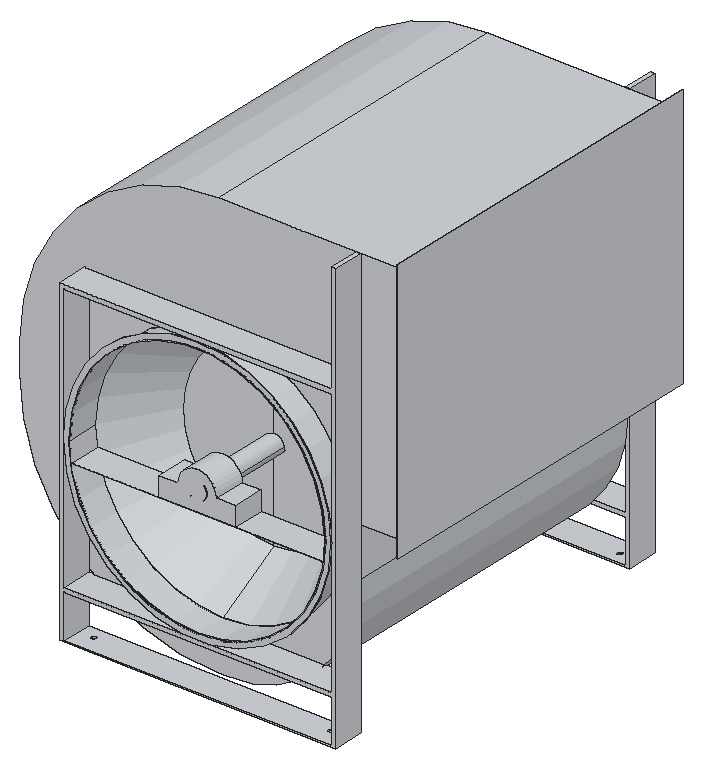
Revit family "CAF_DWDI_CCW_THD", category Mechanical Equipment, Revit 2019
Family settings
  Round Connector Dimension = Use Radius
  Part Type = Normal
  Work Plane-Based = No
  Always vertical = Yes
  Cut with Voids When Loaded = No
  Shared = No
  Room Calculation Point = No
Parameters (values of type "600_CAF-DWDI_CCW_THD_CLASS_3")
  V+(D-(A+.25"))/2 = V + ((D - (A + 1/4")) / 2)  # 5 19/32"
  V = 2 15/16"
  Unit Weight [instance] = ""
  U-N = U - N  # 1/8"
  U = 16"
  T/2 = T / 2  # 46 9/16"
  T = 93 1/8"
  Sones [instance] = ""
  SCROLL2 = 35"
  S/2 = S / 2  # 30 1/2"
  S = 61"
  R/2 = R / 2  # 35 1/2"
  R = 71"
  P = 118 5/8"
  N = 15 7/8"
  Motor RPM [instance] = ""
  Motor Enclosure [instance] = ""
  ModelID [instance] = ""
  M = 102 5/8"
  LwA [instance] = ""
  L = 51 5/16"
  K/2 = K / 2  # 19/32"
  K = 1 3/16"
  J = 52 3/16"
  INLET/4 = INLET / 4  # 16 1/2"
  INLET/2 = INLET / 2  # 33"
  INLET = 66"
  H-J = H - J  # 47 1/8"
  H = 99 5/16"
  G-(R/2) = G - (R / 2)  # 11 1/2"
  G-(INLET/2)-1.625" = G - (INLET / 2) - 1 1/2"  # 12 1/2"
  G+(INLET/2)+1.625" = G + (INLET / 2) + 1 1/2"  # 81 1/2"
  G = 47"
  Fan RPM [instance] = ""
  F-((D-A-.25")/2) = F - ((D - A - 1/4") / 2)  # 110 19/32"
  F = 113 1/4"
  E/2 = E / 2  # 45 27/32"
  E = 91 11/16"
  D/2 = D / 2  # 33 7/8"
  D = 67 3/4"
  C/2 = C / 2  # 2 15/32"
  C+C = C + C  # 9 7/8"
  C = 4 15/16"
  BOTTOM = J / 2  # 26 3/32"
  B/2 = B / 2  # 43 1/8"
  B+.25" = B + 1/4"  # 86 1/2"
  B = 86 1/4"
  Accessories [instance] = ""
  A/2 = A / 2  # 31 3/32"
  A+.25" = A + 1/4"  # 62 7/16"
  A = 62 3/16"
  60 = 60.00°  # constant formula
  3" = 3"  # constant formula
  Brake Hp [instance] = ""
  D/7 = D / 9.5  # 7.13158"
  2' = 24"
  2" = 2"  # constant formula
  1" = 1"  # constant formula
  0 = 0"  # constant formula
  Voltage [instance] = 0 V
  URL = "www.lorencook.com"
  Type Comments = "Centrifugal Airfoil Blower Counter_Clockwise Top Horizontal Arrangement 3 Low Profile Class 3"
  Static Pressure [instance] = 0.00 in-wg
  Power [instance] = Voltage * Motor FLA * sqrt(if(Phase = 3, 3, 1))  # 0 VA
  Phase [instance] = 0
  Number of Poles [instance] = 1
  Motor Hp [instance] = "0"
  Motor FLA [instance] = 0 A
  Model = "CAF-DWDI"  # constant formula
  Manufacturer = "Loren Cook Company"
  CFM [instance] = 0 CFM
  1.5 = 1 1/2"  # constant formula
  ONE EIGTH = 1/8"  # constant formula
  -P = -P  # -118 5/8"
  -(B+.25")/2 = -(B + 1/4") / 2  # -43 1/4"
  (M-(B+.25")/2 = (M - (B + 1/4")) / 2  # 8 1/16"
  (INLET/2)-.125" = (INLET / 2) - 1/8"  # 32 7/8"
  (INLET/2)+1.625" = (INLET / 2) + 1 1/2"  # 34 1/2"
  (INLET/2)+1.5" = (INLET / 2) + 1 7/16"  # 34 7/16"
  (D-(A+.25"))/2 = (D - (A + 1/4")) / 2  # 2 21/32"
  (B+.25")/2 = (B + 1/4") / 2  # 43 1/4"
  (A+.25")/2 = (A + 1/4") / 2  # 31 7/32"
  ((M+U+U+N+N)-((B+.25")/2))/2 = ((M + U + U - N - N) - ((B + 1/4"))) / 2  # 8 3/16"
Reference planes (in)
  plane 1 "Center (Front/Back)": y = 0
  plane 2: z = 0
  plane 3 "Center (Left/Right)": x = 0.40541
Forms (in)
  Extrusion 1, solid
    sketch origin (0, 0, 0) x (1, 0, 0) y (0, 0, 1)
      loop
        line (-51.78209, 1) -> (35.40541, 1) -> (35.40541, 48.15625) -> (47.53041, 48.15625) -> (47.53041, 110.59375) -> (-51.78209, 110.59375) -> (-51.78209, 1)
    from -43.25 <- "-(B+.25")/2" to 43.25 <- "(B+.25")/2"
  Revolve 2, void
    sketch origin (0.40541, 0, 0) x (0, 1, 0) y (0, 0, 1)
      loop
        line (43.25, 47) -> (26.75, 47) -> (26.75, 23.52628) -> (43.25, 14) -> (43.25, 47)
      loop
        line (-26.75, 47) -> (-43.25, 47) -> (-43.25, 14) -> (-26.75, 23.52628) -> (-26.75, 47)
      axis (43.25, 47) -> (-43.25, 47)
    angle from 0 to 360
  Extrusion 3, solid
    sketch origin (0, -43.25, 0) x (1, 0, 0) y (0, 0, 1)
      loop
        circle (0.40541, 47) r 32.875
      loop
        circle (0.40541, 47) r 33
    from 0 <- "0" to 8.1875 <- "((M+U+U+N+N)-((B+.25")/2))/2"
  Extrusion 4, solid
    sketch origin (0, 43.25, 0) x (-1, 0, 0) y (0, 0, 1)
      loop
        circle (-0.40541, 47) r 32.875
      loop
        circle (-0.40541, 47) r 33
    from 0 to 8.1875 <- "((M+U+U+N+N)-((B+.25")/2))/2"
  Extrusion 5, solid
    sketch origin (0, 43.25, 0) x (-1, 0, 0) y (0, 0, 1)
      loop
        line (-35.90541, 0) -> (35.09459, 0) -> (35.09459, 82.5) -> (-34.90541, 82.5) -> (-34.90541, 110.59375) -> (-35.90541, 110.59375) -> (-35.90541, 0)
      loop
        line (34.09459, 81.5) -> (-34.90541, 81.5) -> (-34.90541, 12.5) -> (34.09459, 12.5) -> (34.09459, 81.5)
      loop
        line (-34.90541, 11.5) -> (-34.90541, 0.125) -> (34.09459, 0.125) -> (34.09459, 11.5) -> (-34.90541, 11.5)
    from 0 to 8.0625 <- "(M-(B+.25")/2"
  Extrusion 6, solid
    sketch origin (0, -43.25, 0) x (1, 0, 0) y (0, 0, 1)
      loop
        line (-35.09459, 82.5) -> (-35.09459, 0) -> (35.90541, 0) -> (35.90541, 110.59375) -> (34.90541, 110.59375) -> (34.90541, 82.5) -> (-35.09459, 82.5)
      loop
        line (34.90541, 0.125) -> (34.90541, 11.5) -> (-34.09459, 11.5) -> (-34.09459, 0.125) -> (34.90541, 0.125)
      loop
        line (-34.09459, 12.5) -> (34.90541, 12.5) -> (34.90541, 81.5) -> (-34.09459, 81.5) -> (-34.09459, 12.5)
    from 0 to 8.0625 <- "(M-(B+.25")/2"
  Extrusion 7, solid
    sketch origin (0, -43.25, 0) x (1, 0, 0) y (0, 0, 1)
      loop
        arc (-32.09669, 42.0625) -> (-32.08713, 41.99999) -> (-32.07746, 41.9375) r 32.875
        line (-32.07746, 41.9375) -> (32.88828, 41.9375)
        arc (32.88828, 41.9375) -> (32.89796, 41.99999) -> (32.90752, 42.0625) r 32.875
        line (32.90752, 42.0625) -> (-32.09669, 42.0625)
    from 0 to 8.1875 <- "((M+U+U+N+N)-((B+.25")/2))/2"
  Extrusion 8, solid
    sketch origin (0, 43.25, 0) x (-1, 0, 0) y (0, 0, 1)
      loop
        arc (-32.90752, 42.0625) -> (-32.89796, 41.99999) -> (-32.88828, 41.9375) r 32.875
        line (-32.88828, 41.9375) -> (32.07746, 41.9375)
        arc (32.07746, 41.9375) -> (32.08713, 41.99999) -> (32.09669, 42.0625) r 32.875
        line (32.09669, 42.0625) -> (-32.90752, 42.0625)
    from 0 to 8.1875 <- "((M+U+U+N+N)-((B+.25")/2))/2"
  Extrusion 9, solid
    sketch origin (0, -43.25, 0) x (1, 0, 0) y (0, 0, 1)
      loop
        arc (5.34291, 47) -> (0.40541, 51.9375) -> (-4.53209, 47) r 4.9375
        line (-4.53209, 47) -> (-9.46959, 47) -> (-9.46959, 42.0625) -> (10.28041, 42.0625) -> (10.28041, 47) -> (5.34291, 47)
    from 0 to 8.1875 <- "((M+U+U+N+N)-((B+.25")/2))/2"
  Extrusion 10, solid
    sketch origin (0, 43.25, 0) x (-1, 0, 0) y (0, 0, 1)
      loop
        arc (4.53209, 47) -> (-0.40541, 51.9375) -> (-5.34291, 47) r 4.9375
        line (-5.34291, 47) -> (-10.28041, 47) -> (-10.28041, 42.0625) -> (9.46959, 42.0625) -> (9.46959, 47) -> (4.53209, 47)
    from 0 to 8.1875 <- "((M+U+U+N+N)-((B+.25")/2))/2"
  Extrusion 11, solid
    sketch origin (0, -51.4375, 0) x (1, 0, 0) y (0, 0, 1)
      loop
        circle (0.40541, 47) r 2.46875
    from 0 to -118.625 <- "-P"
  Extrusion 12, solid
    sketch origin (0, 51.4375, 0) x (-1, 0, 0) y (0, 0, 1)
      loop
        circle (-0.40541, 47) r 33
      loop
        circle (-0.40541, 47) r 34.4375
    from 0 to -0.125
  Extrusion 13, solid
    sketch origin (0, -51.4375, 0) x (1, 0, 0) y (0, 0, 1)
      loop
        circle (0.40541, 47) r 33
      loop
        circle (0.40541, 47) r 34.4375
    from 0 to -0.125
  Extrusion 14, void
    sketch origin (0, 0, 0) x (1, 0, 0) y (0, 1, 0)
      loop
        circle (30.90541, 46.5625) r 0.59375
      loop
        circle (-30.09459, 46.5625) r 0.59375
      loop
        circle (-30.09459, -46.5625) r 0.59375
      loop
        circle (30.90541, -46.5625) r 0.59375
    from 0 to 0.125
  Extrusion 15, void
    sketch origin (0, 0, 0) x (1, 0, 0) y (0, 0, 1)
      loop
        line (21.43666, 110.59375) -> (21.43666, 113.59375) -> (-54.78209, 113.59375) -> (-54.78209, -3) -> (47.53041, -3) -> (47.53041, 48.15625) -> (35.40541, 48.15625) -> (35.40541, 35)
        arc (35.40541, 35) -> (25.44704, 10.95837) -> (1.40541, 1) r 34
        line (1.40541, 1) -> (-0.59459, 1)
        arc (-0.59459, 1) -> (-36.78962, 15.99247) -> (-51.78209, 52.1875) r 51.1875
        line (-51.78209, 52.1875) -> (-51.78209, 59.40625)
        arc (-51.78209, 59.40625) -> (-36.78962, 95.60128) -> (-0.59459, 110.59375) r 51.1875
        line (-0.59459, 110.59375) -> (21.43666, 110.59375)
    from -43.25 <- "-(B+.25")/2" to 43.25 <- "(B+.25")/2"
  Extrusion 16, solid
    sketch origin (47.53041, 0, 48.15625) x (0, 0, 1) y (0, -1, 0)
      loop
        line (65.09375, 45.84375) -> (-2.65625, 45.84375) -> (-2.65625, -45.84375) -> (65.09375, -45.84375) -> (65.09375, 45.84375)
    from 0 to -0.125
Cuts and joins
  Revolve 2, Extrusion 15 cuts Extrusion 1
  Extrusion 14, Extrusion 15 cuts Extrusion 5
  Extrusion 14, Extrusion 15 cuts Extrusion 6
  Extrusion 15 cuts Extrusion 3
  Extrusion 15 cuts Extrusion 4
  Extrusion 15 cuts Extrusion 7
  Extrusion 15 cuts Extrusion 8
  Extrusion 15 cuts Extrusion 9
  Extrusion 15 cuts Extrusion 10
  Extrusion 15 cuts Extrusion 11
Dimensions and locks (in)
  "J": plane 3 "Center (Left/Right)" to Extrusion 1 sketch curve
  "F-((D-A-.25")/2)": Extrusion 1 sketch curve to level
  "0": Revolve 2 sketch curve to cut or joined group of Extrusion 1, Revolve 2, Extrusion 15  (x2)
  "INLET/4": cut or joined group of Extrusion 1, Revolve 2, Extrusion 15 to Revolve 2 sketch curve
  "G": level to Revolve 2 sketch curve  (x2)
  "INLET/2": Revolve 2 sketch curve to Revolve 2 sketch curve  (x2)
  "G": Revolve 2 sketch curve to level
  "INLET/4": Revolve 2 sketch curve to Revolve 2 sketch curve
  "0": Extrusion 3 sketch curve to plane 3 "Center (Left/Right)"  (x2)
  "G": Extrusion 3 sketch curve to level  (x2)
  "G": level to Extrusion 4 sketch curve  (x2)
  "0": Extrusion 4 sketch curve to plane 3 "Center (Left/Right)"  (x2)
  "R/2": Extrusion 5 sketch curve to plane 3 "Center (Left/Right)"
  "R/2": plane 3 "Center (Left/Right)" to Extrusion 5 sketch curve
  "R": Extrusion 5 sketch curve to Extrusion 5 sketch curve
  "G-(R/2)": level to Extrusion 5 sketch curve
  "ONE EIGTH": Extrusion 5 sketch curve to Extrusion 5 sketch curve
  "0": Extrusion 6 sketch curve to Extrusion 5  (x3)
  "0": Extrusion 5 to Extrusion 6 sketch curve  (x3)
  "0": Extrusion 7 sketch curve to plane 3 "Center (Left/Right)"  (x2)
  "G": Extrusion 7 sketch curve to level  (x2)
  "C": Extrusion 7 sketch curve to Extrusion 7 sketch curve
  "ONE EIGTH": Extrusion 7 sketch curve to Extrusion 7 sketch curve
  "0": Extrusion 8 sketch curve to plane 3 "Center (Left/Right)"  (x2)
  "G": level to Extrusion 8 sketch curve  (x2)
  "C": Extrusion 8 sketch curve to Extrusion 8 sketch curve
  "ONE EIGTH": Extrusion 8 sketch curve to Extrusion 8 sketch curve
  "0": Extrusion 9 sketch curve to Extrusion 7
  "G": Extrusion 9 sketch curve to level
  "0": Extrusion 9 sketch curve to Extrusion 9 sketch curve  (x2)
  "C+C": Extrusion 9 sketch curve to plane 3 "Center (Left/Right)"  (x2)
  "0": Extrusion 8 to Extrusion 10 sketch curve
  "0": Extrusion 10 sketch curve to Extrusion 10 sketch curve  (x2)
  "0": Extrusion 10 sketch curve to plane 3 "Center (Left/Right)"
  "G": level to Extrusion 10 sketch curve
  "C+C": Extrusion 10 sketch curve to plane 3 "Center (Left/Right)"
  "C+C": plane 3 "Center (Left/Right)" to Extrusion 10 sketch curve
  "0": Extrusion 11 sketch curve to plane 3 "Center (Left/Right)"
  "G": level to Extrusion 11 sketch curve
  "0": level to Extrusion 5 sketch curve
  "0": plane 3 "Center (Left/Right)" to Extrusion 9 sketch curve
  "(INLET/2)+1.625"": plane 3 "Center (Left/Right)" to Extrusion 6 sketch curve  (x2)
  "(INLET/2)+1.625"": Extrusion 6 sketch curve to plane 3 "Center (Left/Right)"  (x3)
  "G+(INLET/2)+1.625"": Extrusion 6 sketch curve to level
  "G-(INLET/2)-1.625"": Extrusion 6 sketch curve to level
  "(INLET/2)+1.625"": Extrusion 5 sketch curve to plane 3 "Center (Left/Right)"  (x2)
  "(INLET/2)+1.625"": plane 3 "Center (Left/Right)" to Extrusion 5 sketch curve  (x3)
  "G-(INLET/2)-1.625"": level to Extrusion 5 sketch curve
  "G+(INLET/2)+1.625"": level to Extrusion 5 sketch curve
  "0": Extrusion 12 sketch curve to plane 3 "Center (Left/Right)"  (x2)
  "G": level to Extrusion 12 sketch curve  (x2)
  "0": Extrusion 13 sketch curve to plane 3 "Center (Left/Right)"  (x2)
  "G": Extrusion 13 sketch curve to level  (x2)
  "1"": Extrusion 1 sketch curve to level
  "T/2": plane 1 "Center (Front/Back)" to Extrusion 14 sketch curve  (x4)
  "S/2": plane 3 "Center (Left/Right)" to Extrusion 14 sketch curve  (x4)
  "A+.25"": Extrusion 1 sketch curve to Extrusion 1 sketch curve
  "H": Extrusion 1 sketch curve to Extrusion 1 sketch curve
  "0": Extrusion 6 sketch curve to cut or joined group of Extrusion 1, Revolve 2, Extrusion 15
  "0": Extrusion 5 sketch curve to cut or joined group of Extrusion 1, Revolve 2, Extrusion 15
  Extrusion 5 sketch curve to cut or joined group of Extrusion 5, Extrusion 14, Extrusion 15 = 0"
  "3"": Extrusion 15 sketch curve to cut or joined group of Extrusion 1, Revolve 2, Extrusion 15  (x2)
  "3"": level to Extrusion 15 sketch curve
  "0": cut or joined group of Extrusion 1, Revolve 2, Extrusion 15 to Extrusion 15 sketch curve  (x2)
  "BOTTOM": cut or joined group of Extrusion 1, Revolve 2, Extrusion 15 to Extrusion 15 sketch curve
  "0": Extrusion 15 sketch curve to cut or joined group of Extrusion 1, Revolve 2, Extrusion 15  (x4)
  "F": level to Extrusion 16 sketch curve
  "D": Extrusion 16 sketch curve to Extrusion 16 sketch curve
  "E/2": Extrusion 16 sketch curve to plane 1 "Center (Front/Back)"
  "E/2": plane 1 "Center (Front/Back)" to Extrusion 16 sketch curve
  "SCROLL2": Extrusion 1 sketch curve to plane 3 "Center (Left/Right)"
  "1"": Extrusion 15 sketch curve to plane 3 "Center (Left/Right)"
  "1"": plane 3 "Center (Left/Right)" to Extrusion 15 sketch curve  (x2)
  "INLET/2": radius of Extrusion 3 sketch curve
  "(INLET/2)-.125"": radius of Extrusion 3 sketch curve
  "INLET/2": radius of Extrusion 4 sketch curve
  "(INLET/2)-.125"": radius of Extrusion 4 sketch curve
  "(INLET/2)-.125"": radius of Extrusion 7 sketch curve  (x2)
  "(INLET/2)-.125"": radius of Extrusion 8 sketch curve  (x2)
  "C": radius of Extrusion 9 sketch curve
  "C": radius of Extrusion 10 sketch curve
  "C/2": radius of Extrusion 11 sketch curve
  "(INLET/2)+1.5"": radius of Extrusion 12 sketch curve
  "INLET/2": radius of Extrusion 12 sketch curve
  "(INLET/2)+1.5"": radius of Extrusion 13 sketch curve
  "INLET/2": radius of Extrusion 13 sketch curve
  "K/2": radius of Extrusion 14 sketch curve  (x4)
  "60": angle Revolve 2 sketch curve to cut or joined group of Extrusion 1, Revolve 2, Extrusion 15
  "60": angle cut or joined group of Extrusion 1, Revolve 2, Extrusion 15 to Revolve 2 sketch curve
Automatic sketch dimensions
  Revolve 2 sketch curve to Revolve 2 sketch curve = 0"  (x2)
Connectors (in)
  hvac at (0.40541, -51.3125, 47), driven by "INLET/2"
    settings: on Extrusion 13, index 2, duct flow 0 CFM, flow factor 0, pres drop 0.00 in-wg, loss coef 0, conn angle 0.00°, conn width 12", conn height 12", conn diameter 66", duct sys type 29, conn prof type 0, flow config 0, flow direction 1, loss method 0, conn ref index -1, conn util no, is conn primary no, conn desc ""
  hvac at (0.40541, 51.4375, 47), driven by "INLET/2"
    settings: on Extrusion 4, index 3, duct flow 0 CFM, flow factor 0, pres drop 0.00 in-wg, loss coef 0, conn angle 0.00°, conn width 12", conn height 12", conn diameter 66", duct sys type 29, conn prof type 0, flow config 0, flow direction 1, loss method 0, conn ref index -1, conn util no, is conn primary no, conn desc ""
  hvac at (47.53041, 0, 79.375), driven by "B", driven by "A", driven by "CFM"
    settings: on cut or joined group of Extrusion 1, Revolve 2, Extrusion 15, index 4, duct flow 0 CFM, flow factor 0, pres drop 0.00 in-wg, loss coef 0, conn angle 0.00°, conn width 86 1/4", conn height 62 3/16", conn diameter 24", duct sys type 29, conn prof type 1, flow config 0, flow direction 2, loss method 0, conn ref index -1, conn util no, is conn primary yes, conn desc ""
Types (59): name | V+(D-(A+.25"))/2 | V | U-N | U | T/2 | T | SCROLL2 | S/2 | S | R/2 | R | P | N | M | L | K/2 | K | J | INLET/4 | INLET/2 | INLET | H-J | H | G-(R/2) | G-(INLET/2)-1.625" | G+(INLET/2)+1.625" | G | F-((D-A-.25")/2) | F | E/2 | E | D/2 | D | C/2 | C+C | C | BOTTOM | B/2 | B+.25" | B | A/2 | A+.25" | A | D/7 | Type Comments | -P | -(B+.25")/2 | (M-(B+.25")/2 | (INLET/2)-.125" | (INLET/2)+1.625" | (INLET/2)+1.5" | (D-(A+.25"))/2 | (B+.25")/2 | (A+.25")/2 | ((M+U+U+N+N)-((B+.25")/2))/2
  (no name) | 5 19/32" | 2 15/16" | 1/8" | 16" | 46 9/16" | 93 1/8" | 35" | 30 1/2" | 61" | 35 1/2" | 71" | 118 5/8" | 15 7/8" | 102 5/8" | 51 5/16" | 19/32" | 1 3/16" | 52 3/16" | 16 1/2" | 33" | 66" | 47 1/8" | 99 5/16" | 11 1/2" | 12 1/2" | 81 1/2" | 47" | 110 19/32" | 113 1/4" | 45 27/32" | 91 11/16" | 33 7/8" | 67 3/4" | 2 15/32" | 9 7/8" | 4 15/16" | 26 3/32" | 43 1/8" | 86 1/2" | 86 1/4" | 31 3/32" | 62 7/16" | 62 3/16" | 7.13158" | "Centrifugal Airfoil Blower Counter_Clockwise Top Horizontal Arrangement 3 Low Profile Class 3" | -118 5/8" | -43 1/4" | 8 1/16" | 32 7/8" | 34 1/2" | 34 7/16" | 2 21/32" | 43 1/4" | 31 7/32" | 8 3/16"
  120_CAF-DWDI_CCW_THD_CLASS_1 | 1 15/16" | 1" | 1 9/16" | 4 5/16" | 9 3/4" | 19 1/2" | 9" | 7 7/16" | 14 7/8" | 9 5/8" | 19 1/4" | 26 11/16" | 2 3/4" | 20 13/16" | 10 7/16" | 9/32" | 9/16" | 10 7/16" | 4 1/32" | 8 1/16" | 16 1/8" | 9 5/8" | 20 1/16" | 9/16" | 5/8" | 19 3/4" | 10 3/16" | 23" | 23 15/16" | 9 29/32" | 19 13/16" | 7 1/8" | 14 1/4" | 23/32" | 2 7/8" | 1 7/16" | 5 7/32" | 8 27/32" | 17 15/16" | 17 11/16" | 6 1/16" | 12 3/8" | 12 1/8" | 1 1/2" | "Centrifugal Airfoil Blower Counter_Clockwise Top Horizontal Arrangement 3 Low Profile Class 1" | -26 11/16" | -8 31/32" | 1 7/16" | 7 15/16" | 9 9/16" | 9 1/2" | 15/16" | 8 31/32" | 6 3/16" | 3"
  135_CAF-DWDI_CCW_THD_CLASS_1 | 1 15/16" | 1" | 1 9/16" | 4 5/16" | 10 7/8" | 21 3/4" | 10 1/2" | 8 5/16" | 16 5/8" | 10 1/2" | 21" | 28 15/16" | 2 3/4" | 23 1/16" | 11 9/16" | 9/32" | 9/16" | 11 3/4" | 4 13/32" | 8 13/16" | 17 5/8" | 10 13/16" | 22 9/16" | 13/16" | 1" | 21 5/8" | 11 5/16" | 25 3/4" | 26 11/16" | 11 1/32" | 22 1/16" | 7 7/8" | 15 3/4" | 23/32" | 2 7/8" | 1 7/16" | 5 7/8" | 9 31/32" | 20 3/16" | 19 15/16" | 6 13/16" | 13 7/8" | 13 5/8" | 1.65789" | "Centrifugal Airfoil Blower Counter_Clockwise Top Horizontal Arrangement 3 Low Profile Class 1" | -28 15/16" | -10 3/32" | 1 7/16" | 8 11/16" | 10 5/16" | 10 1/4" | 15/16" | 10 3/32" | 6 15/16" | 3"
  150_CAF-DWDI_CCW_THD_CLASS_1 | 1 15/16" | 1" | 1 1/16" | 4 7/16" | 12 3/16" | 24 3/8" | 11 1/4" | 8 7/8" | 17 3/4" | 11 1/4" | 22 1/2" | 31 5/8" | 3 3/8" | 26 1/8" | 13 1/16" | 9/32" | 9/16" | 13 1/16" | 4 25/32" | 9 9/16" | 19 1/8" | 12" | 25 1/16" | 1 3/16" | 1 3/8" | 23 1/2" | 12 7/16" | 28 7/16" | 29 3/8" | 12 1/16" | 24 1/8" | 8 11/16" | 17 3/8" | 23/32" | 2 7/8" | 1 7/16" | 6 17/32" | 11" | 22 1/4" | 22" | 7 5/8" | 15 1/2" | 15 1/4" | 1.82895" | "Centrifugal Airfoil Blower Counter_Clockwise Top Horizontal Arrangement 3 Low Profile Class 1" | -31 5/8" | -11 1/8" | 1 15/16" | 9 7/16" | 11 1/16" | 11" | 15/16" | 11 1/8" | 7 3/4" | 3"
  165_CAF-DWDI_CCW_THD_CLASS_1 | 1 15/16" | 1" | 1 1/16" | 4 7/16" | 13 3/16" | 26 3/8" | 12 1/8" | 9 3/4" | 19 1/2" | 12 1/8" | 24 1/4" | 33 11/16" | 3 3/8" | 28 1/8" | 14 1/16" | 15/32" | 15/16" | 14 3/8" | 5 19/64" | 10 19/32" | 21 3/16" | 13 1/8" | 27 1/2" | 1 7/16" | 1 15/32" | 25 21/32" | 13 9/16" | 31 1/8" | 32 1/16" | 13 1/16" | 26 1/8" | 9 17/32" | 19 1/16" | 27/32" | 3 3/8" | 1 11/16" | 7 3/16" | 12" | 24 1/4" | 24" | 8 15/32" | 17 3/16" | 16 15/16" | 2.00658" | "Centrifugal Airfoil Blower Counter_Clockwise Top Horizontal Arrangement 3 Low Profile Class 1" | -33 11/16" | -12 1/8" | 1 15/16" | 10 15/32" | 12 3/32" | 12 1/32" | 15/16" | 12 1/8" | 8 19/32" | 3"
  180_CAF-DWDI_CCW_THD_CLASS_1 | 1 15/16" | 1" | 1 1/16" | 4 13/16" | 14 7/32" | 28 7/16" | 13 3/8" | 10 1/2" | 21" | 13 3/8" | 26 3/4" | 36 1/8" | 3 3/4" | 30 3/16" | 15 1/8" | 15/32" | 15/16" | 15 11/16" | 5 43/64" | 11 11/32" | 22 11/16" | 14 5/16" | 30" | 1 3/8" | 1 29/32" | 27 19/32" | 14 3/4" | 33 15/16" | 34 7/8" | 14 3/32" | 28 3/16" | 10 5/16" | 20 5/8" | 27/32" | 3 3/8" | 1 11/16" | 7 27/32" | 13 1/32" | 26 5/16" | 26 1/16" | 9 1/4" | 18 3/4" | 18 1/2" | 2.17105" | "Centrifugal Airfoil Blower Counter_Clockwise Top Horizontal Arrangement 3 Low Profile Class 1" | -36 1/8" | -13 5/32" | 1 15/16" | 11 7/32" | 12 27/32" | 12 25/32" | 15/16" | 13 5/32" | 9 3/8" | 3"
  195_CAF-DWDI_CCW_THD_CLASS_1 | 1 31/32" | 1" | 1 1/16" | 4 13/16" | 15 13/32" | 30 13/16" | 14 1/4" | 11 3/8" | 22 3/4" | 14 1/4" | 28 1/2" | 38 1/2" | 3 3/4" | 32 9/16" | 16 5/16" | 15/32" | 15/16" | 16 15/16" | 6 3/64" | 12 3/32" | 24 3/16" | 15 1/2" | 32 7/16" | 1 5/8" | 2 9/32" | 29 15/32" | 15 7/8" | 36 21/32" | 37 5/8" | 15 5/16" | 30 5/8" | 10 27/32" | 21 11/16" | 27/32" | 3 3/8" | 1 11/16" | 8 15/32" | 14 7/32" | 28 11/16" | 28 7/16" | 9 3/4" | 19 3/4" | 19 1/2" | 2.28289" | "Centrifugal Airfoil Blower Counter_Clockwise Top Horizontal Arrangement 3 Low Profile Class 1" | -38 1/2" | -14 11/32" | 1 15/16" | 11 31/32" | 13 19/32" | 13 17/32" | 31/32" | 14 11/32" | 9 7/8" | 3"
  210_CAF-DWDI_CCW_THD_CLASS_1 | 1 31/32" | 1" | 2 1/16" | 5 13/16" | 16 3/8" | 32 3/4" | 15" | 12 1/8" | 24 1/4" | 15" | 30" | 41 7/16" | 3 3/4" | 34 1/2" | 17 1/4" | 15/32" | 15/16" | 18 1/4" | 6 31/64" | 12 31/32" | 25 15/16" | 16 11/16" | 34 15/16" | 2" | 2 17/32" | 31 15/32" | 17" | 39 13/32" | 40 3/8" | 16 9/32" | 32 9/16" | 11 29/32" | 23 13/16" | 27/32" | 3 3/8" | 1 11/16" | 9 1/8" | 15 3/16" | 30 5/8" | 30 3/8" | 10 13/16" | 21 7/8" | 21 5/8" | 2.50658" | "Centrifugal Airfoil Blower Counter_Clockwise Top Horizontal Arrangement 3 Low Profile Class 1" | -41 7/16" | -15 5/16" | 1 15/16" | 12 27/32" | 14 15/32" | 14 13/32" | 31/32" | 15 5/16" | 10 15/16" | 4"
  225_CAF-DWDI_CCW_THD_CLASS_1 | 2 15/32" | 1" | 2 1/16" | 6 5/16" | 17 7/16" | 34 7/8" | 15 7/8" | 13" | 26" | 15 7/8" | 31 3/4" | 44 1/16" | 4 1/4" | 36 5/8" | 18 5/16" | 15/32" | 15/16" | 19 9/16" | 6 55/64" | 13 23/32" | 27 7/16" | 17 13/16" | 37 3/8" | 2 5/16" | 2 31/32" | 33 13/32" | 18 3/16" | 42 5/32" | 43 5/8" | 17 27/32" | 35 11/16" | 13 3/16" | 26 3/8" | 31/32" | 3 7/8" | 1 15/16" | 9 25/32" | 16 1/4" | 32 3/4" | 32 1/2" | 11 19/32" | 23 7/16" | 23 3/16" | 2.77632" | "Centrifugal Airfoil Blower Counter_Clockwise Top Horizontal Arrangement 3 Low Profile Class 1" | -44 1/16" | -16 3/8" | 1 15/16" | 13 19/32" | 15 7/32" | 15 5/32" | 1 15/32" | 16 3/8" | 11 23/32" | 4"
  245_CAF-DWDI_CCW_THD_CLASS_1 | 2 15/32" | 1" | 2 1/16" | 6 5/16" | 18 23/32" | 37 7/16" | 16 7/8" | 14" | 28" | 16 7/8" | 33 3/4" | 46 5/8" | 4 1/4" | 39 3/16" | 19 5/8" | 15/32" | 15/16" | 21 5/16" | 7 23/64" | 14 23/32" | 29 7/16" | 19 3/8" | 40 11/16" | 2 13/16" | 3 15/32" | 35 29/32" | 19 11/16" | 45 25/32" | 47 1/4" | 19 1/8" | 38 1/4" | 14 11/32" | 28 11/16" | 31/32" | 3 7/8" | 1 15/16" | 10 21/32" | 17 17/32" | 35 5/16" | 35 1/16" | 12 3/4" | 25 3/4" | 25 1/2" | 3.01974" | "Centrifugal Airfoil Blower Counter_Clockwise Top Horizontal Arrangement 3 Low Profile Class 1" | -46 5/8" | -17 21/32" | 1 15/16" | 14 19/32" | 16 7/32" | 16 5/32" | 1 15/32" | 17 21/32" | 12 7/8" | 4"
  270_CAF-DWDI_CCW_THD_CLASS_1 | 2 15/32" | 1" | 2 1/16" | 6 5/16" | 21 5/32" | 42 5/16" | 18 3/4" | 15 1/8" | 30 1/4" | 18 3/4" | 37 1/2" | 51 1/2" | 4 1/4" | 44 9/16" | 22 5/16" | 15/32" | 15/16" | 23 1/2" | 7 63/64" | 15 31/32" | 31 15/16" | 21 5/16" | 44 13/16" | 2 7/8" | 4 5/32" | 39 3/32" | 21 5/8" | 50 11/32" | 51 13/16" | 21 5/16" | 42 5/8" | 15 11/32" | 30 11/16" | 1 3/32" | 4 3/8" | 2 3/16" | 11 3/4" | 19 23/32" | 39 11/16" | 39 7/16" | 13 3/4" | 27 3/4" | 27 1/2" | 3.23026" | "Centrifugal Airfoil Blower Counter_Clockwise Top Horizontal Arrangement 3 Low Profile Class 1" | -51 1/2" | -19 27/32" | 2 7/16" | 15 27/32" | 17 15/32" | 17 13/32" | 1 15/32" | 19 27/32" | 13 7/8" | 4 1/2"
  300_CAF-DWDI_CCW_THD_CLASS_1 | 2 15/32" | 1" | 2 1/8" | 6 3/8" | 22 15/16" | 45 7/8" | 20 1/4" | 16 5/8" | 33 1/4" | 20 1/4" | 40 1/2" | 55 1/8" | 4 1/4" | 48 1/8" | 24 1/16" | 15/32" | 15/16" | 26 1/16" | 8 47/64" | 17 15/32" | 34 15/16" | 23 11/16" | 49 3/4" | 3 5/8" | 4 29/32" | 42 27/32" | 23 7/8" | 55 25/32" | 57 1/4" | 23 3/32" | 46 3/16" | 17 3/16" | 34 3/8" | 1 3/32" | 4 3/8" | 2 3/16" | 13 1/32" | 21 1/2" | 43 1/4" | 43" | 15 19/32" | 31 7/16" | 31 3/16" | 3.61842" | "Centrifugal Airfoil Blower Counter_Clockwise Top Horizontal Arrangement 3 Low Profile Class 1" | -55 1/8" | -21 5/8" | 2 7/16" | 17 11/32" | 18 31/32" | 18 29/32" | 1 15/32" | 21 5/8" | 15 23/32" | 4 9/16"
  330_CAF-DWDI_CCW_THD_CLASS_1 | 3" | 1" | 1 5/8" | 6" | 25 9/32" | 50 9/16" | 20 25/32" | 18 1/16" | 36 1/8" | 20 25/32" | 41 9/16" | 59 5/16" | 4 3/8" | 53 3/16" | 26 5/8" | 15/32" | 15/16" | 28 11/16" | 9 31/64" | 18 31/32" | 37 15/16" | 26" | 54 11/16" | 5 13/32" | 5 23/32" | 46 21/32" | 26 3/16" | 61 1/4" | 63 1/4" | 25 21/32" | 51 5/16" | 19 3/8" | 38 3/4" | 1 7/32" | 4 7/8" | 2 7/16" | 14 11/32" | 23 17/32" | 47 5/16" | 47 1/16" | 17 1/4" | 34 3/4" | 34 1/2" | 4.07895" | "Centrifugal Airfoil Blower Counter_Clockwise Top Horizontal Arrangement 3 Low Profile Class 1" | -59 5/16" | -23 21/32" | 2 15/16" | 18 27/32" | 20 15/32" | 20 13/32" | 2" | 23 21/32" | 17 3/8" | 4 9/16"
  365_CAF-DWDI_CCW_THD_CLASS_1 | 3" | 1" | 2 1/8" | 6 7/8" | 27 27/32" | 55 11/16" | 22 21/32" | 19 15/16" | 39 7/8" | 22 21/32" | 45 5/16" | 65 5/16" | 4 3/4" | 58 5/16" | 29 3/16" | 15/32" | 15/16" | 31 3/4" | 10 23/64" | 20 23/32" | 41 7/16" | 28 3/4" | 60 1/2" | 6 7/32" | 6 21/32" | 51 3/32" | 28 7/8" | 67 5/8" | 69 5/8" | 28 7/32" | 56 7/16" | 21 15/32" | 42 15/16" | 1 11/32" | 5 3/8" | 2 11/16" | 15 7/8" | 26 3/32" | 52 7/16" | 52 3/16" | 19 11/32" | 38 15/16" | 38 11/16" | 4.51974" | "Centrifugal Airfoil Blower Counter_Clockwise Top Horizontal Arrangement 3 Low Profile Class 1" | -65 5/16" | -26 7/32" | 2 15/16" | 20 19/32" | 22 7/32" | 22 5/32" | 2" | 26 7/32" | 19 15/32" | 5 1/16"
  402_CAF-DWDI_CCW_THD_CLASS_1 | 3 31/32" | 1 15/16" | 1 1/8" | 6" | 31 7/32" | 62 7/16" | 24 27/32" | 21 1/2" | 43" | 24 27/32" | 49 11/16" | 71 15/16" | 4 7/8" | 65 15/16" | 33" | 15/32" | 15/16" | 34 15/16" | 11 19/64" | 22 19/32" | 45 3/16" | 31 5/8" | 66 9/16" | 6 27/32" | 7 19/32" | 55 25/32" | 31 11/16" | 74 11/32" | 76 3/8" | 31" | 62" | 23 1/32" | 46 1/16" | 1 15/32" | 5 7/8" | 2 15/16" | 17 15/32" | 28 29/32" | 58 1/16" | 57 13/16" | 20 7/8" | 42" | 41 3/4" | 4.84868" | "Centrifugal Airfoil Blower Counter_Clockwise Top Horizontal Arrangement 3 Low Profile Class 1" | -71 15/16" | -29 1/32" | 3 15/16" | 22 15/32" | 24 3/32" | 24 1/32" | 2 1/32" | 29 1/32" | 21" | 5 1/16"
  445_CAF-DWDI_CCW_THD_CLASS_1 | 4" | 1 15/16" | 1 1/8" | 6 7/8" | 34 15/32" | 68 15/16" | 26 31/32" | 23 5/8" | 47 1/4" | 26 31/32" | 53 15/16" | 79 5/16" | 5 3/4" | 72 7/16" | 36 1/4" | 17/32" | 1 1/16" | 38 11/16" | 12 23/64" | 24 23/32" | 49 7/16" | 35" | 73 11/16" | 7 31/32" | 8 23/32" | 61 5/32" | 34 15/16" | 82 1/8" | 84 3/16" | 34 9/32" | 68 9/16" | 25 5/32" | 50 5/16" | 1 15/32" | 5 7/8" | 2 15/16" | 19 11/32" | 32 1/8" | 64 1/2" | 64 1/4" | 22 31/32" | 46 3/16" | 45 15/16" | 5.29605" | "Centrifugal Airfoil Blower Counter_Clockwise Top Horizontal Arrangement 3 Low Profile Class 1" | -79 5/16" | -32 1/4" | 3 31/32" | 24 19/32" | 26 7/32" | 26 5/32" | 2 1/16" | 32 1/4" | 23 3/32" | 5 3/32"
  490_CAF-DWDI_CCW_THD_CLASS_1 | 4" | 1 15/16" | 1 1/8" | 7" | 37 13/32" | 74 13/16" | 29 11/32" | 26" | 52" | 29 11/32" | 58 11/16" | 85 5/16" | 5 7/8" | 78 5/16" | 39 3/16" | 17/32" | 1 1/16" | 42 9/16" | 13 3/4" | 27 1/2" | 55" | 38 9/16" | 81 1/8" | 9 1/32" | 9 3/8" | 67 3/8" | 38 3/8" | 90 5/16" | 92 3/8" | 37 7/32" | 74 7/16" | 27 11/16" | 55 3/8" | 1 23/32" | 6 7/8" | 3 7/16" | 21 9/32" | 35 1/16" | 70 3/8" | 70 1/8" | 25 1/2" | 51 1/4" | 51" | 5.82895" | "Centrifugal Airfoil Blower Counter_Clockwise Top Horizontal Arrangement 3 Low Profile Class 1" | -85 5/16" | -35 3/16" | 3 31/32" | 27 3/8" | 29" | 28 15/16" | 2 1/16" | 35 3/16" | 25 5/8" | 5 3/32"
  540_CAF-DWDI_CCW_THD_CLASS_1 | 4" | 1 15/16" | 1 1/8" | 7 3/8" | 41 5/16" | 82 5/8" | 31 27/32" | 28 1/2" | 57" | 31 27/32" | 63 11/16" | 93 1/2" | 6 1/4" | 86 1/8" | 43 1/16" | 17/32" | 1 1/16" | 46 15/16" | 15" | 30" | 60" | 42 7/16" | 89 3/8" | 10 15/32" | 10 13/16" | 73 13/16" | 42 5/16" | 99 9/16" | 101 5/8" | 41 3/32" | 82 3/16" | 30 1/16" | 60 1/8" | 1 15/32" | 5 7/8" | 2 15/16" | 23 15/32" | 38 31/32" | 78 3/16" | 77 15/16" | 27 7/8" | 56" | 55 3/4" | 6.32895" | "Centrifugal Airfoil Blower Counter_Clockwise Top Horizontal Arrangement 3 Low Profile Class 1" | -93 1/2" | -39 3/32" | 3 31/32" | 29 7/8" | 31 1/2" | 31 7/16" | 2 1/16" | 39 3/32" | 28" | 5 3/32"
  600_CAF-DWDI_CCW_THD_CLASS_1 | 5" | 2 15/16" | 1/8" | 6 3/8" | 46" | 92" | 35" | 31" | 62" | 35" | 70" | 102 7/8" | 6 1/4" | 96 1/2" | 48 1/4" | 17/32" | 1 1/16" | 52 3/16" | 16 1/2" | 33" | 66" | 47 1/8" | 99 5/16" | 12" | 12 1/2" | 81 1/2" | 47" | 110 5/8" | 112 11/16" | 45 9/32" | 90 9/16" | 33 9/32" | 66 9/16" | 1 15/32" | 5 7/8" | 2 15/16" | 26 3/32" | 43 1/8" | 86 1/2" | 86 1/4" | 31 3/32" | 62 7/16" | 62 3/16" | 7.00658" | "Centrifugal Airfoil Blower Counter_Clockwise Top Horizontal Arrangement 3 Low Profile Class 1" | -102 7/8" | -43 1/4" | 5" | 32 7/8" | 34 1/2" | 34 7/16" | 2 1/16" | 43 1/4" | 31 7/32" | 5 1/8"
  660_CAF-DWDI_CCW_THD_CLASS_1 | 6" | 3 15/16" | 5/8" | 10" | 50 13/16" | 101 5/8" | 38 9/32" | 33 1/2" | 67" | 38 9/32" | 76 9/16" | 117 1/8" | 9 3/8" | 107 1/8" | 53 9/16" | 17/32" | 1 1/16" | 57 3/8" | 18" | 36" | 72" | 51 13/16" | 109 3/16" | 13 13/32" | 14 3/16" | 89 3/16" | 51 11/16" | 121 11/16" | 123 3/4" | 49 5/8" | 99 1/4" | 36 13/32" | 72 13/16" | 1 23/32" | 6 7/8" | 3 7/16" | 28 11/16" | 47 7/16" | 95 1/8" | 94 7/8" | 34 7/32" | 68 11/16" | 68 7/16" | 7.66447" | "Centrifugal Airfoil Blower Counter_Clockwise Top Horizontal Arrangement 3 Low Profile Class 1" | -117 1/8" | -47 9/16" | 6" | 35 7/8" | 37 1/2" | 37 7/16" | 2 1/16" | 47 9/16" | 34 11/32" | 6 5/8"
  730_CAF-DWDI_CCW_THD_CLASS_1 | 6" | 3 7/16" | 5/8" | 10" | 55 3/4" | 111 1/2" | 41 25/32" | 37" | 74" | 41 25/32" | 83 9/16" | 127" | 9 3/8" | 117" | 58 1/2" | 17/32" | 1 1/16" | 63 7/16" | 19 3/4" | 39 1/2" | 79" | 57 1/4" | 120 11/16" | 15 13/32" | 16 3/16" | 98 3/16" | 57 3/16" | 134 9/16" | 137 1/8" | 55 1/16" | 110 1/8" | 40 19/32" | 81 3/16" | 1 23/32" | 6 7/8" | 3 7/16" | 31 23/32" | 52 3/8" | 105" | 104 3/4" | 37 29/32" | 76 1/16" | 75 13/16" | 8.54605" | "Centrifugal Airfoil Blower Counter_Clockwise Top Horizontal Arrangement 3 Low Profile Class 1" | -127" | -52 1/2" | 6" | 39 3/8" | 41" | 40 15/16" | 2 9/16" | 52 1/2" | 38 1/32" | 6 5/8"
  120_CAF-DWDI_CCW_THD_CLASS_2 | 1 15/16" | 1" | 1 9/16" | 5 5/16" | 10" | 20" | 9" | 7 3/16" | 14 3/8" | 9 5/8" | 19 1/4" | 28 3/16" | 3 3/4" | 21 13/16" | 10 15/16" | 15/32" | 15/16" | 10 7/16" | 4 1/32" | 8 1/16" | 16 1/8" | 9 5/8" | 20 1/16" | 9/16" | 5/8" | 19 3/4" | 10 3/16" | 23" | 23 15/16" | 9 29/32" | 19 13/16" | 7 1/8" | 14 1/4" | 23/32" | 2 7/8" | 1 7/16" | 5 7/32" | 8 27/32" | 17 15/16" | 17 11/16" | 6 1/16" | 12 3/8" | 12 1/8" | 1 1/2" | "Centrifugal Airfoil Blower Counter_Clockwise Top Horizontal Arrangement 3 Low Profile Class 2" | -28 3/16" | -8 31/32" | 1 15/16" | 7 15/16" | 9 9/16" | 9 1/2" | 15/16" | 8 31/32" | 6 3/16" | 3 1/2"
  135_CAF-DWDI_CCW_THD_CLASS_2 | 1 15/16" | 1" | 1 9/16" | 5 7/16" | 11 1/8" | 22 1/4" | 10 1/2" | 8 1/16" | 16 1/8" | 10 1/2" | 21" | 30 9/16" | 3 7/8" | 24 1/16" | 12 1/16" | 15/32" | 15/16" | 11 3/4" | 4 13/32" | 8 13/16" | 17 5/8" | 10 13/16" | 22 9/16" | 13/16" | 1" | 21 5/8" | 11 5/16" | 25 3/4" | 26 11/16" | 11 1/32" | 22 1/16" | 7 7/8" | 15 3/4" | 23/32" | 2 7/8" | 1 7/16" | 5 7/8" | 9 31/32" | 20 3/16" | 19 15/16" | 6 13/16" | 13 7/8" | 13 5/8" | 1.65789" | "Centrifugal Airfoil Blower Counter_Clockwise Top Horizontal Arrangement 3 Low Profile Class 2" | -30 9/16" | -10 3/32" | 1 15/16" | 8 11/16" | 10 5/16" | 10 1/4" | 15/16" | 10 3/32" | 6 15/16" | 3 1/2"
  150_CAF-DWDI_CCW_THD_CLASS_2 | 1 15/16" | 1" | 2 1/16" | 5 15/16" | 12 3/16" | 24 3/8" | 11 1/4" | 8 7/8" | 17 3/4" | 11 3/4" | 23 1/2" | 33 1/8" | 3 7/8" | 26 1/8" | 13 1/16" | 15/32" | 15/16" | 13 1/16" | 4 25/32" | 9 9/16" | 19 1/8" | 12" | 25 1/16" | 11/16" | 1 3/8" | 23 1/2" | 12 7/16" | 28 7/16" | 29 3/8" | 12 1/16" | 24 1/8" | 8 11/16" | 17 3/8" | 31/32" | 3 7/8" | 1 15/16" | 6 17/32" | 11" | 22 1/4" | 22" | 7 5/8" | 15 1/2" | 15 1/4" | 1.82895" | "Centrifugal Airfoil Blower Counter_Clockwise Top Horizontal Arrangement 3 Low Profile Class 2" | -33 1/8" | -11 1/8" | 1 15/16" | 9 7/16" | 11 1/16" | 11" | 15/16" | 11 1/8" | 7 3/4" | 4"
  165_CAF-DWDI_CCW_THD_CLASS_2 | 1 15/16" | 1" | 2 1/16" | 5 15/16" | 13 3/16" | 26 3/8" | 12 1/8" | 9 3/4" | 19 1/2" | 12 5/8" | 25 1/4" | 35 3/16" | 3 7/8" | 28 1/8" | 14 1/16" | 15/32" | 15/16" | 14 3/8" | 5 19/64" | 10 19/32" | 21 3/16" | 13 1/8" | 27 1/2" | 15/16" | 1 15/32" | 25 21/32" | 13 9/16" | 31 1/8" | 32 1/16" | 13 1/16" | 26 1/8" | 9 17/32" | 19 1/16" | 31/32" | 3 7/8" | 1 15/16" | 7 3/16" | 12" | 24 1/4" | 24" | 8 15/32" | 17 3/16" | 16 15/16" | 2.00658" | "Centrifugal Airfoil Blower Counter_Clockwise Top Horizontal Arrangement 3 Low Profile Class 2" | -35 3/16" | -12 1/8" | 1 15/16" | 10 15/32" | 12 3/32" | 12 1/32" | 15/16" | 12 1/8" | 8 19/32" | 4"
  180_CAF-DWDI_CCW_THD_CLASS_2 | 1 15/16" | 1" | 2 1/16" | 5 15/16" | 14 7/32" | 28 7/16" | 13 3/8" | 10 1/2" | 21" | 13 3/8" | 26 3/4" | 37 1/4" | 3 7/8" | 30 3/16" | 15 1/8" | 15/32" | 15/16" | 15 11/16" | 5 43/64" | 11 11/32" | 22 11/16" | 14 5/16" | 30" | 1 3/8" | 1 29/32" | 27 19/32" | 14 3/4" | 33 15/16" | 34 7/8" | 14 3/32" | 28 3/16" | 10 5/16" | 20 5/8" | 31/32" | 3 7/8" | 1 15/16" | 7 27/32" | 13 1/32" | 26 5/16" | 26 1/16" | 9 1/4" | 18 3/4" | 18 1/2" | 2.17105" | "Centrifugal Airfoil Blower Counter_Clockwise Top Horizontal Arrangement 3 Low Profile Class 2" | -37 1/4" | -13 5/32" | 1 15/16" | 11 7/32" | 12 27/32" | 12 25/32" | 15/16" | 13 5/32" | 9 3/8" | 4"
  195_CAF-DWDI_CCW_THD_CLASS_2 | 1 31/32" | 1" | 2 1/16" | 5 15/16" | 15 13/32" | 30 13/16" | 14 1/4" | 11 3/8" | 22 3/4" | 14 1/4" | 28 1/2" | 39 5/8" | 3 7/8" | 32 9/16" | 16 5/16" | 15/32" | 15/16" | 16 15/16" | 6 3/64" | 12 3/32" | 24 3/16" | 15 1/2" | 32 7/16" | 1 5/8" | 2 9/32" | 29 15/32" | 15 7/8" | 36 21/32" | 37 5/8" | 15 5/16" | 30 5/8" | 10 27/32" | 21 11/16" | 31/32" | 3 7/8" | 1 15/16" | 8 15/32" | 14 7/32" | 28 11/16" | 28 7/16" | 9 3/4" | 19 3/4" | 19 1/2" | 2.28289" | "Centrifugal Airfoil Blower Counter_Clockwise Top Horizontal Arrangement 3 Low Profile Class 2" | -39 5/8" | -14 11/32" | 1 15/16" | 11 31/32" | 13 19/32" | 13 17/32" | 31/32" | 14 11/32" | 9 7/8" | 4"
  210_CAF-DWDI_CCW_THD_CLASS_2 | 1 31/32" | 1" | 2 9/16" | 6 13/16" | 16 3/8" | 32 3/4" | 15" | 12 1/8" | 24 1/4" | 15" | 30" | 42 7/16" | 4 1/4" | 34 1/2" | 17 1/4" | 15/32" | 15/16" | 18 1/4" | 6 31/64" | 12 31/32" | 25 15/16" | 16 11/16" | 34 15/16" | 2" | 2 17/32" | 31 15/32" | 17" | 39 13/32" | 40 3/8" | 16 9/32" | 32 9/16" | 11 29/32" | 23 13/16" | 1 3/32" | 4 3/8" | 2 3/16" | 9 1/8" | 15 3/16" | 30 5/8" | 30 3/8" | 10 13/16" | 21 7/8" | 21 5/8" | 2.50658" | "Centrifugal Airfoil Blower Counter_Clockwise Top Horizontal Arrangement 3 Low Profile Class 2" | -42 7/16" | -15 5/16" | 1 15/16" | 12 27/32" | 14 15/32" | 14 13/32" | 31/32" | 15 5/16" | 10 15/16" | 4 1/2"
  225_CAF-DWDI_CCW_THD_CLASS_2 | 2 15/32" | 1" | 2 9/16" | 6 13/16" | 17 7/16" | 34 7/8" | 15 7/8" | 13" | 26" | 15 7/8" | 31 3/4" | 44 9/16" | 4 1/4" | 36 5/8" | 18 5/16" | 15/32" | 15/16" | 19 9/16" | 6 55/64" | 13 23/32" | 27 7/16" | 17 13/16" | 37 3/8" | 2 5/16" | 2 31/32" | 33 13/32" | 18 3/16" | 42 5/32" | 43 5/8" | 17 27/32" | 35 11/16" | 13 3/16" | 26 3/8" | 1 3/32" | 4 3/8" | 2 3/16" | 9 25/32" | 16 1/4" | 32 3/4" | 32 1/2" | 11 19/32" | 23 7/16" | 23 3/16" | 2.77632" | "Centrifugal Airfoil Blower Counter_Clockwise Top Horizontal Arrangement 3 Low Profile Class 2" | -44 9/16" | -16 3/8" | 1 15/16" | 13 19/32" | 15 7/32" | 15 5/32" | 1 15/32" | 16 3/8" | 11 23/32" | 4 1/2"
  245_CAF-DWDI_CCW_THD_CLASS_2 | 2 15/32" | 1" | 2 9/16" | 6 15/16" | 18 23/32" | 37 7/16" | 16 7/8" | 14" | 28" | 16 7/8" | 33 3/4" | 47 1/4" | 4 3/8" | 39 3/16" | 19 5/8" | 15/32" | 15/16" | 21 5/16" | 7 23/64" | 14 23/32" | 29 7/16" | 19 3/8" | 40 11/16" | 2 13/16" | 3 15/32" | 35 29/32" | 19 11/16" | 45 25/32" | 47 1/4" | 19 1/8" | 38 1/4" | 14 11/32" | 28 11/16" | 1 7/32" | 4 7/8" | 2 7/16" | 10 21/32" | 17 17/32" | 35 5/16" | 35 1/16" | 12 3/4" | 25 3/4" | 25 1/2" | 3.01974" | "Centrifugal Airfoil Blower Counter_Clockwise Top Horizontal Arrangement 3 Low Profile Class 2" | -47 1/4" | -17 21/32" | 1 15/16" | 14 19/32" | 16 7/32" | 16 5/32" | 1 15/32" | 17 21/32" | 12 7/8" | 4 1/2"
  270_CAF-DWDI_CCW_THD_CLASS_2 | 2 15/32" | 1" | 2 1/16" | 6 7/16" | 21 5/32" | 42 5/16" | 18 3/4" | 15 1/8" | 30 1/4" | 18 3/4" | 37 1/2" | 51 5/8" | 4 3/8" | 44 9/16" | 22 5/16" | 15/32" | 15/16" | 23 1/2" | 7 63/64" | 15 31/32" | 31 15/16" | 21 5/16" | 44 13/16" | 2 7/8" | 4 5/32" | 39 3/32" | 21 5/8" | 50 11/32" | 51 13/16" | 21 5/16" | 42 5/8" | 15 11/32" | 30 11/16" | 1 7/32" | 4 7/8" | 2 7/16" | 11 3/4" | 19 23/32" | 39 11/16" | 39 7/16" | 13 3/4" | 27 3/4" | 27 1/2" | 3.23026" | "Centrifugal Airfoil Blower Counter_Clockwise Top Horizontal Arrangement 3 Low Profile Class 2" | -51 5/8" | -19 27/32" | 2 7/16" | 15 27/32" | 17 15/32" | 17 13/32" | 1 15/32" | 19 27/32" | 13 7/8" | 4 1/2"
  300_CAF-DWDI_CCW_THD_CLASS_2 | 2 15/32" | 1" | 2 5/8" | 7 3/8" | 22 15/16" | 45 7/8" | 20 1/4" | 16 5/8" | 33 1/4" | 20 1/4" | 40 1/2" | 56 1/8" | 4 3/4" | 48 1/8" | 24 1/16" | 17/32" | 1 1/16" | 26 1/16" | 8 47/64" | 17 15/32" | 34 15/16" | 23 11/16" | 49 3/4" | 3 5/8" | 4 29/32" | 42 27/32" | 23 7/8" | 55 25/32" | 57 1/4" | 23 3/32" | 46 3/16" | 17 3/16" | 34 3/8" | 1 11/32" | 5 3/8" | 2 11/16" | 13 1/32" | 21 1/2" | 43 1/4" | 43" | 15 19/32" | 31 7/16" | 31 3/16" | 3.61842" | "Centrifugal Airfoil Blower Counter_Clockwise Top Horizontal Arrangement 3 Low Profile Class 2" | -56 1/8" | -21 5/8" | 2 7/16" | 17 11/32" | 18 31/32" | 18 29/32" | 1 15/32" | 21 5/8" | 15 23/32" | 5 1/16"
  330_CAF-DWDI_CCW_THD_CLASS_2 | 3" | 1" | 2 1/8" | 7" | 25 9/32" | 50 9/16" | 20 25/32" | 18 1/16" | 36 1/8" | 20 25/32" | 41 9/16" | 60 5/16" | 4 7/8" | 53 3/16" | 26 5/8" | 17/32" | 1 1/16" | 28 11/16" | 9 31/64" | 18 31/32" | 37 15/16" | 26" | 54 11/16" | 5 13/32" | 5 23/32" | 46 21/32" | 26 3/16" | 61 1/4" | 63 1/4" | 25 21/32" | 51 5/16" | 19 3/8" | 38 3/4" | 1 15/32" | 5 7/8" | 2 15/16" | 14 11/32" | 23 17/32" | 47 5/16" | 47 1/16" | 17 1/4" | 34 3/4" | 34 1/2" | 4.07895" | "Centrifugal Airfoil Blower Counter_Clockwise Top Horizontal Arrangement 3 Low Profile Class 2" | -60 5/16" | -23 21/32" | 2 15/16" | 18 27/32" | 20 15/32" | 20 13/32" | 2" | 23 21/32" | 17 3/8" | 5 1/16"
  365_CAF-DWDI_CCW_THD_CLASS_2 | 3" | 1" | 2 1/8" | 7 1/2" | 27 27/32" | 55 11/16" | 22 21/32" | 19 15/16" | 39 7/8" | 22 21/32" | 45 5/16" | 65 15/16" | 5 3/8" | 58 5/16" | 29 3/16" | 17/32" | 1 1/16" | 31 3/4" | 10 23/64" | 20 23/32" | 41 7/16" | 28 3/4" | 60 1/2" | 6 7/32" | 6 21/32" | 51 3/32" | 28 7/8" | 67 5/8" | 69 5/8" | 28 7/32" | 56 7/16" | 21 15/32" | 42 15/16" | 1 23/32" | 6 7/8" | 3 7/16" | 15 7/8" | 26 3/32" | 52 7/16" | 52 3/16" | 19 11/32" | 38 15/16" | 38 11/16" | 4.51974" | "Centrifugal Airfoil Blower Counter_Clockwise Top Horizontal Arrangement 3 Low Profile Class 2" | -65 15/16" | -26 7/32" | 2 15/16" | 20 19/32" | 22 7/32" | 22 5/32" | 2" | 26 7/32" | 19 15/32" | 5 1/16"
  402_CAF-DWDI_CCW_THD_CLASS_2 | 4" | 1 15/16" | 1 1/8" | 7" | 31 1/4" | 62 1/2" | 24 27/32" | 21 1/2" | 43" | 24 27/32" | 49 11/16" | 73" | 5 7/8" | 66" | 33" | 17/32" | 1 1/16" | 34 15/16" | 11 19/64" | 22 19/32" | 45 3/16" | 31 11/16" | 66 5/8" | 6 27/32" | 7 19/32" | 55 25/32" | 31 11/16" | 74 5/16" | 76 3/8" | 31 1/32" | 62 1/16" | 23 1/16" | 46 1/8" | 1 23/32" | 6 7/8" | 3 7/16" | 17 15/32" | 28 29/32" | 58 1/16" | 57 13/16" | 20 7/8" | 42" | 41 3/4" | 4.85526" | "Centrifugal Airfoil Blower Counter_Clockwise Top Horizontal Arrangement 3 Low Profile Class 2" | -73" | -29 1/32" | 3 31/32" | 22 15/32" | 24 3/32" | 24 1/32" | 2 1/16" | 29 1/32" | 21" | 5 3/32"
  445_CAF-DWDI_CCW_THD_CLASS_2 | 4" | 1 15/16" | 1 3/8" | 7 1/4" | 34 15/32" | 68 15/16" | 26 31/32" | 23 5/8" | 47 1/4" | 26 31/32" | 53 15/16" | 79 11/16" | 5 7/8" | 72 7/16" | 36 1/4" | 17/32" | 1 1/16" | 38 11/16" | 12 23/64" | 24 23/32" | 49 7/16" | 35" | 73 11/16" | 7 31/32" | 8 23/32" | 61 5/32" | 34 15/16" | 82 1/8" | 84 3/16" | 34 9/32" | 68 9/16" | 25 5/32" | 50 5/16" | 1 7/32" | 4 7/8" | 2 7/16" | 19 11/32" | 32 1/8" | 64 1/2" | 64 1/4" | 22 31/32" | 46 3/16" | 45 15/16" | 5.29605" | "Centrifugal Airfoil Blower Counter_Clockwise Top Horizontal Arrangement 3 Low Profile Class 2" | -79 11/16" | -32 1/4" | 3 31/32" | 24 19/32" | 26 7/32" | 26 5/32" | 2 1/16" | 32 1/4" | 23 3/32" | 5 11/32"
  490_CAF-DWDI_CCW_THD_CLASS_2 | 4 1/32" | 1 15/16" | -1/4" | 7 1/4" | 37 29/32" | 75 13/16" | 29 11/32" | 25 1/2" | 51" | 29 1/2" | 59" | 87 15/16" | 7 1/2" | 80 5/16" | 40 3/16" | 17/32" | 1 1/16" | 42 9/16" | 13 3/4" | 27 1/2" | 55" | 38 9/16" | 81 1/8" | 8 7/8" | 9 3/8" | 67 3/8" | 38 3/8" | 90 9/32" | 92 3/8" | 37 7/32" | 74 7/16" | 27 23/32" | 55 7/16" | 1 15/32" | 5 7/8" | 2 15/16" | 21 9/32" | 35 1/16" | 70 3/8" | 70 1/8" | 25 1/2" | 51 1/4" | 51" | 5.83553" | "Centrifugal Airfoil Blower Counter_Clockwise Top Horizontal Arrangement 3 Low Profile Class 2" | -87 15/16" | -35 3/16" | 4 31/32" | 27 3/8" | 29" | 28 15/16" | 2 3/32" | 35 3/16" | 25 5/8" | 4 23/32"
  540_CAF-DWDI_CCW_THD_CLASS_2 | 4 1/2" | 1 15/16" | 1 5/8" | 10 1/2" | 41 27/32" | 83 11/16" | 31 27/32" | 28" | 56" | 32" | 64" | 98 11/16" | 8 7/8" | 88 3/16" | 44 1/8" | 17/32" | 1 1/16" | 46 15/16" | 15" | 30" | 60" | 42 7/16" | 89 3/8" | 10 5/16" | 10 13/16" | 73 13/16" | 42 5/16" | 99 5/8" | 102 3/16" | 41 9/16" | 83 1/8" | 30 9/16" | 61 1/8" | 1 23/32" | 6 7/8" | 3 7/16" | 23 15/32" | 38 31/32" | 78 3/16" | 77 15/16" | 27 7/8" | 56" | 55 3/4" | 6.43421" | "Centrifugal Airfoil Blower Counter_Clockwise Top Horizontal Arrangement 3 Low Profile Class 2" | -98 11/16" | -39 3/32" | 5" | 29 7/8" | 31 1/2" | 31 7/16" | 2 9/16" | 39 3/32" | 28" | 6 5/8"
  600_CAF-DWDI_CCW_THD_CLASS_2 | 5 1/2" | 2 15/16" | 5/8" | 9 1/2" | 46 1/2" | 93" | 35" | 30 1/2" | 61" | 35 9/32" | 70 9/16" | 108" | 8 7/8" | 98 1/2" | 49 1/4" | 17/32" | 1 1/16" | 52 3/16" | 16 1/2" | 33" | 66" | 47 1/8" | 99 5/16" | 11 23/32" | 12 1/2" | 81 1/2" | 47" | 110 5/8" | 113 3/16" | 45 23/32" | 91 7/16" | 33 25/32" | 67 9/16" | 1 23/32" | 6 7/8" | 3 7/16" | 26 3/32" | 43 1/8" | 86 1/2" | 86 1/4" | 31 3/32" | 62 7/16" | 62 3/16" | 7.11184" | "Centrifugal Airfoil Blower Counter_Clockwise Top Horizontal Arrangement 3 Low Profile Class 2" | -108" | -43 1/4" | 6" | 32 7/8" | 34 1/2" | 34 7/16" | 2 9/16" | 43 1/4" | 31 7/32" | 6 5/8"
  660_CAF-DWDI_CCW_THD_CLASS_2 | 6 1/2" | 3 15/16" | 5/8" | 9 1/2" | 50 13/16" | 101 5/8" | 38 9/32" | 33 1/2" | 67" | 38 9/32" | 76 9/16" | 116 5/8" | 8 7/8" | 107 1/8" | 53 9/16" | 17/32" | 1 1/16" | 57 3/8" | 18" | 36" | 72" | 51 13/16" | 109 3/16" | 13 13/32" | 14 3/16" | 89 3/16" | 51 11/16" | 121 11/16" | 124 1/4" | 50 1/8" | 100 1/4" | 36 29/32" | 73 13/16" | 1 23/32" | 6 7/8" | 3 7/16" | 28 11/16" | 47 7/16" | 95 1/8" | 94 7/8" | 34 7/32" | 68 11/16" | 68 7/16" | 7.76974" | "Centrifugal Airfoil Blower Counter_Clockwise Top Horizontal Arrangement 3 Low Profile Class 2" | -116 5/8" | -47 9/16" | 6" | 35 7/8" | 37 1/2" | 37 7/16" | 2 9/16" | 47 9/16" | 34 11/32" | 6 5/8"
  730_CAF-DWDI_CCW_THD_CLASS_2 | 6 1/16" | 3 7/16" | 5/8" | 9 5/8" | 55 13/16" | 111 5/8" | 41 25/32" | 37" | 74" | 41 25/32" | 83 9/16" | 126 3/4" | 9" | 117 1/8" | 58 9/16" | 17/32" | 1 1/16" | 63 1/2" | 19 3/4" | 39 1/2" | 79" | 57 1/4" | 120 3/4" | 15 13/32" | 16 3/16" | 98 3/16" | 57 3/16" | 134 9/16" | 137 3/16" | 55 1/16" | 110 1/8" | 40 21/32" | 81 5/16" | 1 31/32" | 7 7/8" | 3 15/16" | 31 3/4" | 52 3/8" | 105" | 104 3/4" | 37 29/32" | 76 1/16" | 75 13/16" | 8.55921" | "Centrifugal Airfoil Blower Counter_Clockwise Top Horizontal Arrangement 3 Low Profile Class 2" | -126 3/4" | -52 1/2" | 6 1/16" | 39 3/8" | 41" | 40 15/16" | 2 5/8" | 52 1/2" | 38 1/32" | 6 11/16"
  120_CAF-DWDI_CCW_THD_CLASS_3 | 1 15/16" | 1" | 1 1/16" | 7 9/16" | 10 1/32" | 20 1/16" | 9" | 7 1/4" | 14 1/2" | 9 5/8" | 19 1/4" | 31 7/16" | 6 1/2" | 23 13/16" | 11 15/16" | 15/32" | 15/16" | 10 7/16" | 4 1/32" | 8 1/16" | 16 1/8" | 9 5/8" | 20 1/16" | 9/16" | 5/8" | 19 3/4" | 10 3/16" | 23" | 23 15/16" | 9 29/32" | 19 13/16" | 7 1/8" | 14 1/4" | 27/32" | 3 3/8" | 1 11/16" | 5 7/32" | 8 27/32" | 17 15/16" | 17 11/16" | 6 1/16" | 12 3/8" | 12 1/8" | 1 1/2" | "Centrifugal Airfoil Blower Counter_Clockwise Top Horizontal Arrangement 3 Low Profile Class 3" | -31 7/16" | -8 31/32" | 2 15/16" | 7 15/16" | 9 9/16" | 9 1/2" | 15/16" | 8 31/32" | 6 3/16" | 4"
  135_CAF-DWDI_CCW_THD_CLASS_3 | 1 15/16" | 1" | 1 1/16" | 7 9/16" | 11 5/32" | 22 5/16" | 10 1/2" | 8 1/8" | 16 1/4" | 10 13/32" | 20 13/16" | 33 11/16" | 6 1/2" | 26 1/16" | 13 1/16" | 15/32" | 15/16" | 11 3/4" | 4 13/32" | 8 13/16" | 17 5/8" | 10 13/16" | 22 9/16" | 29/32" | 1" | 21 5/8" | 11 5/16" | 25 3/4" | 26 11/16" | 11 1/32" | 22 1/16" | 7 7/8" | 15 3/4" | 31/32" | 3 7/8" | 1 15/16" | 5 7/8" | 9 31/32" | 20 3/16" | 19 15/16" | 6 13/16" | 13 7/8" | 13 5/8" | 1.65789" | "Centrifugal Airfoil Blower Counter_Clockwise Top Horizontal Arrangement 3 Low Profile Class 3" | -33 11/16" | -10 3/32" | 2 15/16" | 8 11/16" | 10 5/16" | 10 1/4" | 15/16" | 10 3/32" | 6 15/16" | 4"
  150_CAF-DWDI_CCW_THD_CLASS_3 | 1 15/16" | 1" | 1 1/16" | 7 9/16" | 12 3/16" | 24 3/8" | 11 1/4" | 8 7/8" | 17 3/4" | 11 5/32" | 22 5/16" | 35 3/4" | 6 1/2" | 28 1/8" | 14 1/16" | 15/32" | 15/16" | 13 1/16" | 4 25/32" | 9 9/16" | 19 1/8" | 12" | 25 1/16" | 1 9/32" | 1 3/8" | 23 1/2" | 12 7/16" | 28 7/16" | 29 3/8" | 12 1/16" | 24 1/8" | 8 11/16" | 17 3/8" | 31/32" | 3 7/8" | 1 15/16" | 6 17/32" | 11" | 22 1/4" | 22" | 7 5/8" | 15 1/2" | 15 1/4" | 1.82895" | "Centrifugal Airfoil Blower Counter_Clockwise Top Horizontal Arrangement 3 Low Profile Class 3" | -35 3/4" | -11 1/8" | 2 15/16" | 9 7/16" | 11 1/16" | 11" | 15/16" | 11 1/8" | 7 3/4" | 4"
